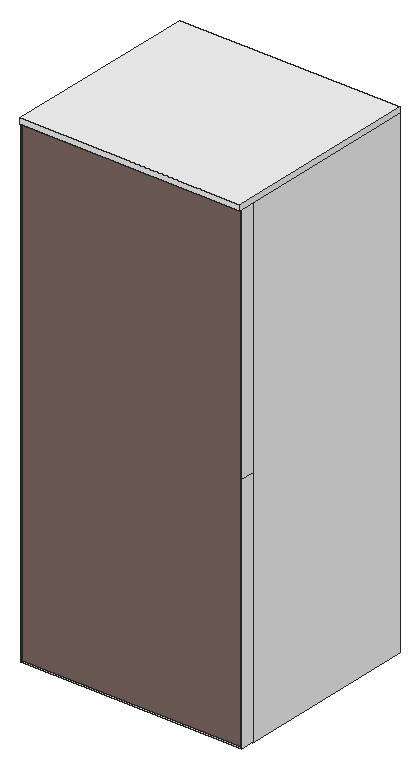
Revit family "bathroom vanity-hansgrohe-54215XXX-Xevolos E Mid-height cabinet Matt White 400_360, door hinge right", category Furniture, Revit 2019
Family settings
  OmniClass Number = 23.40.00.00
  OmniClass Title = Equipment and Furnishings
  Work Plane-Based = No
  Always vertical = Yes
  Cut with Voids When Loaded = No
  Shared = Yes
  Room Calculation Point = No
Parameters (values of type "54215730-MATT_WHITE-DARK_OAK-200")
  etim7_EC011381 = "EC011381"
  WEIGHT = "22.5"
  UNSPSC = "56 | Furniture and Furnishings"
  UNIFORMATII = "E2010 | Fixed Furnishings"
  UNICLASS_2015_CODE = "40_30_78_05"
  UNICLASS2015 = "Pr_40_30_78_05 | Bathroom furniture"
  SURFACE = "DARK_OAK"
  REGION = "Worldwide"
  PRODUCTURL = "https://pro.hansgrohe.com/articledetail--54215320"
  PERMALINK = "54215XXX"
  OMNICLASS = "23-21 19 15 33 13 | Residential Bathroom Specialty Casework"
  OBJECTTYPE = "Object (single object)"
  OBERFLAECHE = "MATT_WHITE"
  NN = "Mid-height cabinet, door hinge"
  NBSYN = "$ARTNR.-$OBERFLAECHE.-$SURFACE.-$LODLEVEL."
  NB = "54215730-MATT_WHITE-DARK_OAK-200"
  NAME = "Xevolos E Mid-height cabinet Matt White 400/360, door hinge right"
  Model = "54215730-MATT_WHITE-DARK_OAK-200"
  Manufacturer = "Hansgrohe"
  MIdent = "{$CADENAS_DATA/23d-libs/hansgrohe/xevolos_furniture/xevolos_mid-height_cabinet_door_hinge/mid-height_cabinet_door_hinge.prj},237 {VTYP=3D},{NB=54215730-MATT_WHITE-DARK_OAK-200},{LINA=54215730-MATT_WHITE-DARK_OAK-200},{NN=Mid-height cabinet, door hinge},{DATE=13.03.2023 11:42:53},{GEOMDATE=12.03.2023 06:48:00},{VERSION=},{LINEID=120},{WBVAR=LODLEVEL},{WBNUMERIC=}  {NB=54215730-MATT_WHITE-DARK_OAK-200},{LINA=54215730-MATT_WHITE-DARK_OAK-200},{KT=DUMMY},{IDNR=12},{ARTNR=54215730},{BASENUMBER=54215},{MODEL=54215XXX},{OBERFLAECHE=MATT_WHITE},{SURFACE=DARK_OAK},{L=400},{LODLEVEL=200},{LODLEVELX='400','400','200','200'},{NAME=Xevolos E Mid-height cabinet Matt White 400/360, door hinge right},{PERMALINK=54215XXX},{OBJECTTYPE=Object (single object)},{BIMOBJECT=Sanitary: Compound units},{COLLECTIONSET=Xevolos E},{COLLECTION=bathroom vanity},{WEIGHT=22.5},{DESCRIPTION=Xevolos E Mid-height cabinet Matt White 400/360, door hinge right},{PRODUCTURL=https://pro.hansgrohe.com/articledetail--54215320},{GTINCODE=0},{TENDERURL=0},{IFC=Furnishing element},{ETIM=EC011381 | Bathroom furniture set},{UNICLASS2015=Pr_40_30_78_05 | Bathroom furniture},{OMNICLASS=23-21 19 15 33 13 | Residential Bathroom Specialty Casework},{MASTERFORMAT=12 35 30.23 | Bathroom Casework},{UNSPSC=56 | Furniture and Furnishings},{UNIFORMATII=E2010 | Fixed Furnishings},{REGION=Worldwide},{DESIGN=Germany},{MANUFACTURER=Germany}"
  MASTERFORMAT = "12 35 30.23 | Bathroom Casework"
  LODLEVEL = "200"
  LINA = "54215730-MATT_WHITE-DARK_OAK-200"
  L = 400
  IFC = "Furnishing element"
  IDNR = 12
  ETIM = "EC011381 | Bathroom furniture set"
  DESIGN = "Germany"
  COLLECTIONSET = "Xevolos E"
  COLLECTION = "bathroom vanity"
  CATALOG = "Hansgrohe"
  BIMOBJECT = "Sanitary: Compound units"
  BASENUMBER = "54215"
  ARTNR = "54215730"
  54215730-MATT_WHITE-DARK_OAK-400_RX0RY0RZ0TX0TY0TZ0_V = no
  54215730-MATT_WHITE-DARK_OAK-200_RX0RY0RZ0TX0TY0TZ0_V = yes
  54215390-MATT_WHITE-PATTEREND_BRONZE-400_RX0RY0RZ0TX0TY0TZ0_V = no
  54215390-MATT_WHITE-PATTEREND_BRONZE-200_RX0RY0RZ0TX0TY0TZ0_V = no
  54215320-MATT_WHITE-METALLIC_WHITE-400_RX0RY0RZ0TX0TY0TZ0_V = no
  54215320-MATT_WHITE-METALLIC_WHITE-200_RX0RY0RZ0TX0TY0TZ0_V = no
Types (6, lengths in mm): name | SURFACE | NB | Model | MIdent | LODLEVEL | LINA | IDNR | ARTNR | 54215730-MATT_WHITE-DARK_OAK-400_RX0RY0RZ0TX0TY0TZ0_V | 54215730-MATT_WHITE-DARK_OAK-200_RX0RY0RZ0TX0TY0TZ0_V | 54215390-MATT_WHITE-PATTEREND_BRONZE-400_RX0RY0RZ0TX0TY0TZ0_V | 54215390-MATT_WHITE-PATTEREND_BRONZE-200_RX0RY0RZ0TX0TY0TZ0_V | 54215320-MATT_WHITE-METALLIC_WHITE-400_RX0RY0RZ0TX0TY0TZ0_V | 54215320-MATT_WHITE-METALLIC_WHITE-200_RX0RY0RZ0TX0TY0TZ0_V
  54215320-MATT_WHITE-METALLIC_WHITE-200 | "METALLIC_WHITE" | "54215320-MATT_WHITE-METALLIC_WHITE-200" | "54215320-MATT_WHITE-METALLIC_WHITE-200" | "{$CADENAS_DATA/23d-libs/hansgrohe/xevolos_furniture/xevolos_mid-height_cabinet_door_hinge/mid-height_cabinet_door_hinge.prj},249 {VTYP=3D},{NB=54215320-MATT_WHITE-METALLIC_WHITE-200},{LINA=54215320-MATT_WHITE-METALLIC_WHITE-200},{NN=Mid-height cabinet, door hinge},{DATE=13.03.2023 11:42:53},{GEOMDATE=12.03.2023 06:48:00},{VERSION=},{LINEID=100},{WBVAR=LODLEVEL},{WBNUMERIC=}  {NB=54215320-MATT_WHITE-METALLIC_WHITE-200},{LINA=54215320-MATT_WHITE-METALLIC_WHITE-200},{KT=DUMMY},{IDNR=10},{ARTNR=54215320},{BASENUMBER=54215},{MODEL=54215XXX},{OBERFLAECHE=MATT_WHITE},{SURFACE=METALLIC_WHITE},{L=400},{LODLEVEL=200},{LODLEVELX='400','400','200','200'},{NAME=Xevolos E Mid-height cabinet Matt White 400/360, door hinge right},{PERMALINK=54215XXX},{OBJECTTYPE=Object (single object)},{BIMOBJECT=Sanitary: Compound units},{COLLECTIONSET=Xevolos E},{COLLECTION=bathroom vanity},{WEIGHT=22.5},{DESCRIPTION=Xevolos E Mid-height cabinet Matt White 400/360, door hinge right},{PRODUCTURL=https://pro.hansgrohe.com/articledetail--54215320},{GTINCODE=0},{TENDERURL=0},{IFC=Furnishing element},{ETIM=EC011381 | Bathroom furniture set},{UNICLASS2015=Pr_40_30_78_05 | Bathroom furniture},{OMNICLASS=23-21 19 15 33 13 | Residential Bathroom Specialty Casework},{MASTERFORMAT=12 35 30.23 | Bathroom Casework},{UNSPSC=56 | Furniture and Furnishings},{UNIFORMATII=E2010 | Fixed Furnishings},{REGION=Worldwide},{DESIGN=Germany},{MANUFACTURER=Germany}" | "200" | "54215320-MATT_WHITE-METALLIC_WHITE-200" | 10 | "54215320" | no | no | no | no | no | yes
  54215320-MATT_WHITE-METALLIC_WHITE-400 | "METALLIC_WHITE" | "54215320-MATT_WHITE-METALLIC_WHITE-400" | "54215320-MATT_WHITE-METALLIC_WHITE-400" | "{$CADENAS_DATA/23d-libs/hansgrohe/xevolos_furniture/xevolos_mid-height_cabinet_door_hinge/mid-height_cabinet_door_hinge.prj},249 {VTYP=3D},{NB=54215320-MATT_WHITE-METALLIC_WHITE-400},{LINA=54215320-MATT_WHITE-METALLIC_WHITE-400},{NN=Mid-height cabinet, door hinge},{DATE=13.03.2023 11:42:53},{GEOMDATE=12.03.2023 06:48:00},{VERSION=},{LINEID=100},{WBVAR=LODLEVEL},{WBNUMERIC=}  {NB=54215320-MATT_WHITE-METALLIC_WHITE-400},{LINA=54215320-MATT_WHITE-METALLIC_WHITE-400},{KT=DUMMY},{IDNR=10},{ARTNR=54215320},{BASENUMBER=54215},{MODEL=54215XXX},{OBERFLAECHE=MATT_WHITE},{SURFACE=METALLIC_WHITE},{L=400},{LODLEVEL=400},{LODLEVELX='400','400','200','200'},{NAME=Xevolos E Mid-height cabinet Matt White 400/360, door hinge right},{PERMALINK=54215XXX},{OBJECTTYPE=Object (single object)},{BIMOBJECT=Sanitary: Compound units},{COLLECTIONSET=Xevolos E},{COLLECTION=bathroom vanity},{WEIGHT=22.5},{DESCRIPTION=Xevolos E Mid-height cabinet Matt White 400/360, door hinge right},{PRODUCTURL=https://pro.hansgrohe.com/articledetail--54215320},{GTINCODE=0},{TENDERURL=0},{IFC=Furnishing element},{ETIM=EC011381 | Bathroom furniture set},{UNICLASS2015=Pr_40_30_78_05 | Bathroom furniture},{OMNICLASS=23-21 19 15 33 13 | Residential Bathroom Specialty Casework},{MASTERFORMAT=12 35 30.23 | Bathroom Casework},{UNSPSC=56 | Furniture and Furnishings},{UNIFORMATII=E2010 | Fixed Furnishings},{REGION=Worldwide},{DESIGN=Germany},{MANUFACTURER=Germany}" | "400" | "54215320-MATT_WHITE-METALLIC_WHITE-400" | 10 | "54215320" | no | no | no | no | yes | no
  54215390-MATT_WHITE-PATTEREND_BRONZE-200 | "PATTEREND_BRONZE" | "54215390-MATT_WHITE-PATTEREND_BRONZE-200" | "54215390-MATT_WHITE-PATTEREND_BRONZE-200" | "{$CADENAS_DATA/23d-libs/hansgrohe/xevolos_furniture/xevolos_mid-height_cabinet_door_hinge/mid-height_cabinet_door_hinge.prj},253 {VTYP=3D},{NB=54215390-MATT_WHITE-PATTEREND_BRONZE-200},{LINA=54215390-MATT_WHITE-PATTEREND_BRONZE-200},{NN=Mid-height cabinet, door hinge},{DATE=13.03.2023 11:42:53},{GEOMDATE=12.03.2023 06:48:00},{VERSION=},{LINEID=110},{WBVAR=LODLEVEL},{WBNUMERIC=}  {NB=54215390-MATT_WHITE-PATTEREND_BRONZE-200},{LINA=54215390-MATT_WHITE-PATTEREND_BRONZE-200},{KT=DUMMY},{IDNR=11},{ARTNR=54215390},{BASENUMBER=54215},{MODEL=54215XXX},{OBERFLAECHE=MATT_WHITE},{SURFACE=PATTEREND_BRONZE},{L=400},{LODLEVEL=200},{LODLEVELX='400','400','200','200'},{NAME=Xevolos E Mid-height cabinet Matt White 400/360, door hinge right},{PERMALINK=54215XXX},{OBJECTTYPE=Object (single object)},{BIMOBJECT=Sanitary: Compound units},{COLLECTIONSET=Xevolos E},{COLLECTION=bathroom vanity},{WEIGHT=22.5},{DESCRIPTION=Xevolos E Mid-height cabinet Matt White 400/360, door hinge right},{PRODUCTURL=https://pro.hansgrohe.com/articledetail--54215320},{GTINCODE=0},{TENDERURL=0},{IFC=Furnishing element},{ETIM=EC011381 | Bathroom furniture set},{UNICLASS2015=Pr_40_30_78_05 | Bathroom furniture},{OMNICLASS=23-21 19 15 33 13 | Residential Bathroom Specialty Casework},{MASTERFORMAT=12 35 30.23 | Bathroom Casework},{UNSPSC=56 | Furniture and Furnishings},{UNIFORMATII=E2010 | Fixed Furnishings},{REGION=Worldwide},{DESIGN=Germany},{MANUFACTURER=Germany}" | "200" | "54215390-MATT_WHITE-PATTEREND_BRONZE-200" | 11 | "54215390" | no | no | no | yes | no | no
  54215390-MATT_WHITE-PATTEREND_BRONZE-400 | "PATTEREND_BRONZE" | "54215390-MATT_WHITE-PATTEREND_BRONZE-400" | "54215390-MATT_WHITE-PATTEREND_BRONZE-400" | "{$CADENAS_DATA/23d-libs/hansgrohe/xevolos_furniture/xevolos_mid-height_cabinet_door_hinge/mid-height_cabinet_door_hinge.prj},253 {VTYP=3D},{NB=54215390-MATT_WHITE-PATTEREND_BRONZE-400},{LINA=54215390-MATT_WHITE-PATTEREND_BRONZE-400},{NN=Mid-height cabinet, door hinge},{DATE=13.03.2023 11:42:53},{GEOMDATE=12.03.2023 06:48:00},{VERSION=},{LINEID=110},{WBVAR=LODLEVEL},{WBNUMERIC=}  {NB=54215390-MATT_WHITE-PATTEREND_BRONZE-400},{LINA=54215390-MATT_WHITE-PATTEREND_BRONZE-400},{KT=DUMMY},{IDNR=11},{ARTNR=54215390},{BASENUMBER=54215},{MODEL=54215XXX},{OBERFLAECHE=MATT_WHITE},{SURFACE=PATTEREND_BRONZE},{L=400},{LODLEVEL=400},{LODLEVELX='400','400','200','200'},{NAME=Xevolos E Mid-height cabinet Matt White 400/360, door hinge right},{PERMALINK=54215XXX},{OBJECTTYPE=Object (single object)},{BIMOBJECT=Sanitary: Compound units},{COLLECTIONSET=Xevolos E},{COLLECTION=bathroom vanity},{WEIGHT=22.5},{DESCRIPTION=Xevolos E Mid-height cabinet Matt White 400/360, door hinge right},{PRODUCTURL=https://pro.hansgrohe.com/articledetail--54215320},{GTINCODE=0},{TENDERURL=0},{IFC=Furnishing element},{ETIM=EC011381 | Bathroom furniture set},{UNICLASS2015=Pr_40_30_78_05 | Bathroom furniture},{OMNICLASS=23-21 19 15 33 13 | Residential Bathroom Specialty Casework},{MASTERFORMAT=12 35 30.23 | Bathroom Casework},{UNSPSC=56 | Furniture and Furnishings},{UNIFORMATII=E2010 | Fixed Furnishings},{REGION=Worldwide},{DESIGN=Germany},{MANUFACTURER=Germany}" | "400" | "54215390-MATT_WHITE-PATTEREND_BRONZE-400" | 11 | "54215390" | no | no | yes | no | no | no
  54215730-MATT_WHITE-DARK_OAK-200 | "DARK_OAK" | "54215730-MATT_WHITE-DARK_OAK-200" | "54215730-MATT_WHITE-DARK_OAK-200" | "{$CADENAS_DATA/23d-libs/hansgrohe/xevolos_furniture/xevolos_mid-height_cabinet_door_hinge/mid-height_cabinet_door_hinge.prj},237 {VTYP=3D},{NB=54215730-MATT_WHITE-DARK_OAK-200},{LINA=54215730-MATT_WHITE-DARK_OAK-200},{NN=Mid-height cabinet, door hinge},{DATE=13.03.2023 11:42:53},{GEOMDATE=12.03.2023 06:48:00},{VERSION=},{LINEID=120},{WBVAR=LODLEVEL},{WBNUMERIC=}  {NB=54215730-MATT_WHITE-DARK_OAK-200},{LINA=54215730-MATT_WHITE-DARK_OAK-200},{KT=DUMMY},{IDNR=12},{ARTNR=54215730},{BASENUMBER=54215},{MODEL=54215XXX},{OBERFLAECHE=MATT_WHITE},{SURFACE=DARK_OAK},{L=400},{LODLEVEL=200},{LODLEVELX='400','400','200','200'},{NAME=Xevolos E Mid-height cabinet Matt White 400/360, door hinge right},{PERMALINK=54215XXX},{OBJECTTYPE=Object (single object)},{BIMOBJECT=Sanitary: Compound units},{COLLECTIONSET=Xevolos E},{COLLECTION=bathroom vanity},{WEIGHT=22.5},{DESCRIPTION=Xevolos E Mid-height cabinet Matt White 400/360, door hinge right},{PRODUCTURL=https://pro.hansgrohe.com/articledetail--54215320},{GTINCODE=0},{TENDERURL=0},{IFC=Furnishing element},{ETIM=EC011381 | Bathroom furniture set},{UNICLASS2015=Pr_40_30_78_05 | Bathroom furniture},{OMNICLASS=23-21 19 15 33 13 | Residential Bathroom Specialty Casework},{MASTERFORMAT=12 35 30.23 | Bathroom Casework},{UNSPSC=56 | Furniture and Furnishings},{UNIFORMATII=E2010 | Fixed Furnishings},{REGION=Worldwide},{DESIGN=Germany},{MANUFACTURER=Germany}" | "200" | "54215730-MATT_WHITE-DARK_OAK-200" | 12 | "54215730" | no | yes | no | no | no | no
  54215730-MATT_WHITE-DARK_OAK-400 | "DARK_OAK" | "54215730-MATT_WHITE-DARK_OAK-400" | "54215730-MATT_WHITE-DARK_OAK-400" | "{$CADENAS_DATA/23d-libs/hansgrohe/xevolos_furniture/xevolos_mid-height_cabinet_door_hinge/mid-height_cabinet_door_hinge.prj},237 {VTYP=3D},{NB=54215730-MATT_WHITE-DARK_OAK-400},{LINA=54215730-MATT_WHITE-DARK_OAK-400},{NN=Mid-height cabinet, door hinge},{DATE=13.03.2023 11:42:53},{GEOMDATE=12.03.2023 06:48:00},{VERSION=},{LINEID=120},{WBVAR=LODLEVEL},{WBNUMERIC=}  {NB=54215730-MATT_WHITE-DARK_OAK-400},{LINA=54215730-MATT_WHITE-DARK_OAK-400},{KT=DUMMY},{IDNR=12},{ARTNR=54215730},{BASENUMBER=54215},{MODEL=54215XXX},{OBERFLAECHE=MATT_WHITE},{SURFACE=DARK_OAK},{L=400},{LODLEVEL=400},{LODLEVELX='400','400','200','200'},{NAME=Xevolos E Mid-height cabinet Matt White 400/360, door hinge right},{PERMALINK=54215XXX},{OBJECTTYPE=Object (single object)},{BIMOBJECT=Sanitary: Compound units},{COLLECTIONSET=Xevolos E},{COLLECTION=bathroom vanity},{WEIGHT=22.5},{DESCRIPTION=Xevolos E Mid-height cabinet Matt White 400/360, door hinge right},{PRODUCTURL=https://pro.hansgrohe.com/articledetail--54215320},{GTINCODE=0},{TENDERURL=0},{IFC=Furnishing element},{ETIM=EC011381 | Bathroom furniture set},{UNICLASS2015=Pr_40_30_78_05 | Bathroom furniture},{OMNICLASS=23-21 19 15 33 13 | Residential Bathroom Specialty Casework},{MASTERFORMAT=12 35 30.23 | Bathroom Casework},{UNSPSC=56 | Furniture and Furnishings},{UNIFORMATII=E2010 | Fixed Furnishings},{REGION=Worldwide},{DESIGN=Germany},{MANUFACTURER=Germany}" | "400" | "54215730-MATT_WHITE-DARK_OAK-400" | 12 | "54215730" | yes | no | no | no | no | no
Reference planes
  plane 1 "Center (Front/Back)": y = 0
  plane 2: z = 0
  plane 3 "Center (Left/Right)": x = 0
Dimensions and locks
  aligned and locked: level to plane 2
Nested families
  nested 1: "54215320-matt_white-metallic_white-200_content" at (0, 0, 0), visible <- "54215320-MATT_WHITE-METALLIC_WHITE-200_RX0RY0RZ0TX0TY0TZ0_V", ContentVisible <- "54215320-MATT_WHITE-METALLIC_WHITE-200_RX0RY0RZ0TX0TY0TZ0_V", type "54215320-MATT_WHITE-METALLIC_WHITE-200_Content"
    with ContentVisible no
  nested 2: "54215320-matt_white-metallic_white-400_content" at (0, 0, 0), visible <- "54215320-MATT_WHITE-METALLIC_WHITE-400_RX0RY0RZ0TX0TY0TZ0_V", ContentVisible <- "54215320-MATT_WHITE-METALLIC_WHITE-400_RX0RY0RZ0TX0TY0TZ0_V", type "54215320-MATT_WHITE-METALLIC_WHITE-400_Content"
    with ContentVisible no
  nested 3: "54215390-matt_white-patterend_bronze-200_content" at (0, 0, 0), visible <- "54215390-MATT_WHITE-PATTEREND_BRONZE-200_RX0RY0RZ0TX0TY0TZ0_V", ContentVisible <- "54215390-MATT_WHITE-PATTEREND_BRONZE-200_RX0RY0RZ0TX0TY0TZ0_V", type "54215390-MATT_WHITE-PATTEREND_BRONZE-200_Content"
    with ContentVisible no
  nested 4: "54215390-matt_white-patterend_bronze-400_content" at (0, 0, 0), visible <- "54215390-MATT_WHITE-PATTEREND_BRONZE-400_RX0RY0RZ0TX0TY0TZ0_V", ContentVisible <- "54215390-MATT_WHITE-PATTEREND_BRONZE-400_RX0RY0RZ0TX0TY0TZ0_V", type "54215390-MATT_WHITE-PATTEREND_BRONZE-400_Content"
    with ContentVisible no
  nested 5: "54215730-matt_white-dark_oak-200_content" at (0, 0, 0), visible <- "54215730-MATT_WHITE-DARK_OAK-200_RX0RY0RZ0TX0TY0TZ0_V", ContentVisible <- "54215730-MATT_WHITE-DARK_OAK-200_RX0RY0RZ0TX0TY0TZ0_V", type "54215730-MATT_WHITE-DARK_OAK-200_Content"
    with ContentVisible yes
  nested 6: "54215730-matt_white-dark_oak-400_content" at (0, 0, 0), visible <- "54215730-MATT_WHITE-DARK_OAK-400_RX0RY0RZ0TX0TY0TZ0_V", ContentVisible <- "54215730-MATT_WHITE-DARK_OAK-400_RX0RY0RZ0TX0TY0TZ0_V", type "54215730-MATT_WHITE-DARK_OAK-400_Content"
    with ContentVisible no
Definition of nested family "54215730-matt_white-dark_oak-200_content"
  Parameters (values of type "54215730-MATT_WHITE-DARK_OAK-200_Content")
    etim7_EC011381 = "EC011381"
    WEIGHT = "22.5"
    UNSPSC = "56 | Furniture and Furnishings"
    UNIFORMATII = "E2010 | Fixed Furnishings"
    UNICLASS_2015_CODE = "40_30_78_05"
    UNICLASS2015 = "Pr_40_30_78_05 | Bathroom furniture"
    SURFACE = "DARK_OAK"
    REGION = "Worldwide"
    PRODUCTURL = "https://pro.hansgrohe.com/articledetail--54215320"
    PERMALINK = "54215XXX"
    OMNICLASS = "23-21 19 15 33 13 | Residential Bathroom Specialty Casework"
    OBJECTTYPE = "Object (single object)"
    OBERFLAECHE = "MATT_WHITE"
    NN = "Mid-height cabinet, door hinge"
    NBSYN = "$ARTNR.-$OBERFLAECHE.-$SURFACE.-$LODLEVEL."
    NB = "54215730-MATT_WHITE-DARK_OAK-200"
    NAME = "Xevolos E Mid-height cabinet Matt White 400/360, door hinge right"
    Model = "54215730-MATT_WHITE-DARK_OAK-200"
    Manufacturer = "Hansgrohe"
    MASTERFORMAT = "12 35 30.23 | Bathroom Casework"
    LODLEVEL = "200"
    LINA = "54215730-MATT_WHITE-DARK_OAK-200"
    L = 400
    IFC = "Furnishing element"
    IDNR = 12
    ETIM = "EC011381 | Bathroom furniture set"
    Default Elevation = 1219.2 mm
    DESIGN = "Germany"
    ContentVisible [instance] = yes
    COLLECTIONSET = "Xevolos E"
    COLLECTION = "bathroom vanity"
    CATALOG = "Hansgrohe"
    BIMOBJECT = "Sanitary: Compound units"
    BASENUMBER = "54215"
    ARTNR = "54215730"
  Reference planes
    plane 1 "Center (Front/Back)": y = 0
    plane 2: z = 0
    plane 3 "Center (Left/Right)": x = 0
  Forms (mm)
    Extrusion 1, solid, visible <- "ContentVisible", detail levels medium+fine
      sketch origin (0, 0, 0) x (1, 0, 0) y (0, 1, 0)
        loop
          line (-200, 0) -> (-200, -334.5) -> (200, -334.5) -> (200, 0) -> (-200, 0)
      from 0 to 878
    Extrusion 2, solid, visible <- "ContentVisible", detail levels medium+fine
      sketch origin (0, -334.5, 0) x (1, 0, 0) y (0, 0, -1)
        loop
          line (-200, -2) -> (-200, -440) -> (-198, -440) -> (-198, -4) -> (198, -4) -> (198, -440) -> (200, -440) -> (200, -2) -> (-200, -2)
      from -24.75 to 0
    Extrusion 3, solid, visible <- "ContentVisible", detail levels medium+fine
      sketch origin (0, -334.5, 0) x (1, 0, 0) y (0, 0, -1)
        loop
          line (-200, -440) -> (-200, -878) -> (200, -878) -> (200, -440) -> (198, -440) -> (198, -876) -> (-198, -876) -> (-198, -440) -> (-200, -440)
      from -24.75 to 0
    Extrusion 4, solid, visible <- "ContentVisible", detail levels medium+fine
      sketch origin (0, -334.5, 0) x (1, 0, 0) y (0, 0, -1)
        loop
          line (-198, -4) -> (-198, -876) -> (198, -876) -> (198, -4) -> (-198, -4)
      from -24.75 to 0
    Extrusion 5, solid, visible <- "ContentVisible", detail levels medium+fine
      sketch origin (0, 0, 878) x (1, 0, 0) y (0, 1, 0)
        loop
          line (-200, -362) -> (200, -362) -> (200, 0) -> (-200, 0) -> (-200, -362)
      from 0 to 10
    Extrusion 6, solid, visible <- "ContentVisible", detail levels coarse
      sketch origin (0, -181, 0) x (1, 0, 0) y (0, 1, 0)
        loop
          line (-200, -181) -> (200, -181) -> (200, 181) -> (-200, 181) -> (-200, -181)
      from 0 to 888
  Dimensions and locks
    aligned and locked: level to plane 2
Definition of nested family "54215320-matt_white-metallic_white-200_content"
  Parameters (values of type "54215320-MATT_WHITE-METALLIC_WHITE-200_Content")
    etim7_EC011381 = "EC011381"
    WEIGHT = "22.5"
    UNSPSC = "56 | Furniture and Furnishings"
    UNIFORMATII = "E2010 | Fixed Furnishings"
    UNICLASS_2015_CODE = "40_30_78_05"
    UNICLASS2015 = "Pr_40_30_78_05 | Bathroom furniture"
    SURFACE = "METALLIC_WHITE"
    REGION = "Worldwide"
    PRODUCTURL = "https://pro.hansgrohe.com/articledetail--54215320"
    PERMALINK = "54215XXX"
    OMNICLASS = "23-21 19 15 33 13 | Residential Bathroom Specialty Casework"
    OBJECTTYPE = "Object (single object)"
    OBERFLAECHE = "MATT_WHITE"
    NN = "Mid-height cabinet, door hinge"
    NBSYN = "$ARTNR.-$OBERFLAECHE.-$SURFACE.-$LODLEVEL."
    NB = "54215320-MATT_WHITE-METALLIC_WHITE-200"
    NAME = "Xevolos E Mid-height cabinet Matt White 400/360, door hinge right"
    Model = "54215320-MATT_WHITE-METALLIC_WHITE-200"
    Manufacturer = "Hansgrohe"
    MASTERFORMAT = "12 35 30.23 | Bathroom Casework"
    LODLEVEL = "200"
    LINA = "54215320-MATT_WHITE-METALLIC_WHITE-200"
    L = 400
    IFC = "Furnishing element"
    IDNR = 10
    ETIM = "EC011381 | Bathroom furniture set"
    Default Elevation = 1219.2 mm
    DESIGN = "Germany"
    ContentVisible [instance] = yes
    COLLECTIONSET = "Xevolos E"
    COLLECTION = "bathroom vanity"
    CATALOG = "Hansgrohe"
    BIMOBJECT = "Sanitary: Compound units"
    BASENUMBER = "54215"
    ARTNR = "54215320"
  Reference planes
    plane 1 "Center (Front/Back)": y = 0
    plane 2: z = 0
    plane 3 "Center (Left/Right)": x = 0
  Forms (mm)
    Extrusion 1, solid, visible <- "ContentVisible", detail levels medium+fine
      sketch origin (0, 0, 0) x (1, 0, 0) y (0, 1, 0)
        loop
          line (-200, 0) -> (-200, -334.5) -> (200, -334.5) -> (200, 0) -> (-200, 0)
      from 0 to 878
    Extrusion 2, solid, visible <- "ContentVisible", detail levels medium+fine
      sketch origin (0, -334.5, 0) x (1, 0, 0) y (0, 0, -1)
        loop
          line (-200, -2) -> (-200, -440) -> (-198, -440) -> (-198, -4) -> (198, -4) -> (198, -440) -> (200, -440) -> (200, -2) -> (-200, -2)
      from -24.75 to 0
    Extrusion 3, solid, visible <- "ContentVisible", detail levels medium+fine
      sketch origin (0, -334.5, 0) x (1, 0, 0) y (0, 0, -1)
        loop
          line (-200, -440) -> (-200, -878) -> (200, -878) -> (200, -440) -> (198, -440) -> (198, -876) -> (-198, -876) -> (-198, -440) -> (-200, -440)
      from -24.75 to 0
    Extrusion 4, solid, visible <- "ContentVisible", detail levels medium+fine
      sketch origin (0, -334.5, 0) x (1, 0, 0) y (0, 0, -1)
        loop
          line (-198, -4) -> (-198, -876) -> (198, -876) -> (198, -4) -> (-198, -4)
      from -24.75 to 0
    Extrusion 5, solid, visible <- "ContentVisible", detail levels medium+fine
      sketch origin (0, 0, 878) x (1, 0, 0) y (0, 1, 0)
        loop
          line (-200, -362) -> (200, -362) -> (200, 0) -> (-200, 0) -> (-200, -362)
      from 0 to 10
    Extrusion 6, solid, visible <- "ContentVisible", detail levels coarse
      sketch origin (0, -181, 0) x (1, 0, 0) y (0, 1, 0)
        loop
          line (-200, -181) -> (200, -181) -> (200, 181) -> (-200, 181) -> (-200, -181)
      from 0 to 888
  Dimensions and locks
    aligned and locked: level to plane 2
Definition of nested family "54215320-matt_white-metallic_white-400_content"
  Parameters (values of type "54215320-MATT_WHITE-METALLIC_WHITE-400_Content")
    etim7_EC011381 = "EC011381"
    WEIGHT = "22.5"
    UNSPSC = "56 | Furniture and Furnishings"
    UNIFORMATII = "E2010 | Fixed Furnishings"
    UNICLASS_2015_CODE = "40_30_78_05"
    UNICLASS2015 = "Pr_40_30_78_05 | Bathroom furniture"
    SURFACE = "METALLIC_WHITE"
    REGION = "Worldwide"
    PRODUCTURL = "https://pro.hansgrohe.com/articledetail--54215320"
    PERMALINK = "54215XXX"
    OMNICLASS = "23-21 19 15 33 13 | Residential Bathroom Specialty Casework"
    OBJECTTYPE = "Object (single object)"
    OBERFLAECHE = "MATT_WHITE"
    NN = "Mid-height cabinet, door hinge"
    NBSYN = "$ARTNR.-$OBERFLAECHE.-$SURFACE.-$LODLEVEL."
    NB = "54215320-MATT_WHITE-METALLIC_WHITE-400"
    NAME = "Xevolos E Mid-height cabinet Matt White 400/360, door hinge right"
    Model = "54215320-MATT_WHITE-METALLIC_WHITE-400"
    Manufacturer = "Hansgrohe"
    MASTERFORMAT = "12 35 30.23 | Bathroom Casework"
    LODLEVEL = "400"
    LINA = "54215320-MATT_WHITE-METALLIC_WHITE-400"
    L = 400
    IFC = "Furnishing element"
    IDNR = 10
    ETIM = "EC011381 | Bathroom furniture set"
    Default Elevation = 1219.2 mm
    DESIGN = "Germany"
    ContentVisible [instance] = yes
    COLLECTIONSET = "Xevolos E"
    COLLECTION = "bathroom vanity"
    CATALOG = "Hansgrohe"
    BIMOBJECT = "Sanitary: Compound units"
    BASENUMBER = "54215"
    ARTNR = "54215320"
  Reference planes
    plane 1 "Center (Front/Back)": y = 0
    plane 2: z = 0
    plane 3 "Center (Left/Right)": x = 0
  Forms (mm)
    Extrusion 1, solid, visible <- "ContentVisible", detail levels medium+fine
      sketch origin (0, 0, 0) x (1, 0, 0) y (0, 1, 0)
        loop
          line (-200, 0) -> (-200, -334.5) -> (200, -334.5) -> (200, 0) -> (184, 0) -> (184, -16.8) -> (-184, -16.8) -> (-184, 0) -> (-200, 0)
      from 0 to 878
    Extrusion 2, solid, visible <- "ContentVisible", detail levels medium+fine
      sketch origin (0, -334.5, 0) x (1, 0, 0) y (0, 0, -1)
        loop
          line (-200, -2) -> (-200, -440) -> (-198, -440) -> (-198, -4) -> (198, -4) -> (198, -440) -> (200, -440) -> (200, -2) -> (-200, -2)
      from -24.75 to 0
    Extrusion 3, solid, visible <- "ContentVisible", detail levels medium+fine
      sketch origin (0, -334.5, 0) x (1, 0, 0) y (0, 0, -1)
        loop
          line (-200, -440) -> (-200, -878) -> (200, -878) -> (200, -440) -> (198, -440) -> (198, -876) -> (-198, -876) -> (-198, -440) -> (-200, -440)
      from -24.75 to 0
    Extrusion 4, solid, visible <- "ContentVisible", detail levels medium+fine
      sketch origin (0, -334.5, 0) x (1, 0, 0) y (0, 0, -1)
        loop
          line (-198, -4) -> (-198, -876) -> (198, -876) -> (198, -4) -> (-198, -4)
      from -24.75 to 0
    Extrusion 5, solid, visible <- "ContentVisible", detail levels medium+fine
      sketch origin (0, 0, 878) x (1, 0, 0) y (0, 1, 0)
        loop
          line (-200, -362) -> (200, -362) -> (200, 0) -> (-200, 0) -> (-200, -362)
      from 0 to 10
    Extrusion 6, solid, visible <- "ContentVisible", detail levels coarse
      sketch origin (0, -181, 0) x (1, 0, 0) y (0, 1, 0)
        loop
          line (-200, -181) -> (200, -181) -> (200, 181) -> (-200, 181) -> (-200, -181)
      from 0 to 888
  Dimensions and locks
    aligned and locked: level to plane 2
Definition of nested family "54215390-matt_white-patterend_bronze-200_content"
  Parameters (values of type "54215390-MATT_WHITE-PATTEREND_BRONZE-200_Content")
    etim7_EC011381 = "EC011381"
    WEIGHT = "22.5"
    UNSPSC = "56 | Furniture and Furnishings"
    UNIFORMATII = "E2010 | Fixed Furnishings"
    UNICLASS_2015_CODE = "40_30_78_05"
    UNICLASS2015 = "Pr_40_30_78_05 | Bathroom furniture"
    SURFACE = "PATTEREND_BRONZE"
    REGION = "Worldwide"
    PRODUCTURL = "https://pro.hansgrohe.com/articledetail--54215320"
    PERMALINK = "54215XXX"
    OMNICLASS = "23-21 19 15 33 13 | Residential Bathroom Specialty Casework"
    OBJECTTYPE = "Object (single object)"
    OBERFLAECHE = "MATT_WHITE"
    NN = "Mid-height cabinet, door hinge"
    NBSYN = "$ARTNR.-$OBERFLAECHE.-$SURFACE.-$LODLEVEL."
    NB = "54215390-MATT_WHITE-PATTEREND_BRONZE-200"
    NAME = "Xevolos E Mid-height cabinet Matt White 400/360, door hinge right"
    Model = "54215390-MATT_WHITE-PATTEREND_BRONZE-200"
    Manufacturer = "Hansgrohe"
    MASTERFORMAT = "12 35 30.23 | Bathroom Casework"
    LODLEVEL = "200"
    LINA = "54215390-MATT_WHITE-PATTEREND_BRONZE-200"
    L = 400
    IFC = "Furnishing element"
    IDNR = 11
    ETIM = "EC011381 | Bathroom furniture set"
    Default Elevation = 1219.2 mm
    DESIGN = "Germany"
    ContentVisible [instance] = yes
    COLLECTIONSET = "Xevolos E"
    COLLECTION = "bathroom vanity"
    CATALOG = "Hansgrohe"
    BIMOBJECT = "Sanitary: Compound units"
    BASENUMBER = "54215"
    ARTNR = "54215390"
  Reference planes
    plane 1 "Center (Front/Back)": y = 0
    plane 2: z = 0
    plane 3 "Center (Left/Right)": x = 0
  Forms (mm)
    Extrusion 1, solid, visible <- "ContentVisible", detail levels medium+fine
      sketch origin (0, 0, 0) x (1, 0, 0) y (0, 1, 0)
        loop
          line (-200, 0) -> (-200, -334.5) -> (200, -334.5) -> (200, 0) -> (-200, 0)
      from 0 to 878
    Extrusion 2, solid, visible <- "ContentVisible", detail levels medium+fine
      sketch origin (0, -334.5, 0) x (1, 0, 0) y (0, 0, -1)
        loop
          line (-200, -2) -> (-200, -440) -> (-198, -440) -> (-198, -4) -> (198, -4) -> (198, -440) -> (200, -440) -> (200, -2) -> (-200, -2)
      from -24.75 to 0
    Extrusion 3, solid, visible <- "ContentVisible", detail levels medium+fine
      sketch origin (0, -334.5, 0) x (1, 0, 0) y (0, 0, -1)
        loop
          line (-200, -440) -> (-200, -878) -> (200, -878) -> (200, -440) -> (198, -440) -> (198, -876) -> (-198, -876) -> (-198, -440) -> (-200, -440)
      from -24.75 to 0
    Extrusion 4, solid, visible <- "ContentVisible", detail levels medium+fine
      sketch origin (0, -334.5, 0) x (1, 0, 0) y (0, 0, -1)
        loop
          line (-198, -4) -> (-198, -876) -> (198, -876) -> (198, -4) -> (-198, -4)
      from -24.75 to 0
    Extrusion 5, solid, visible <- "ContentVisible", detail levels medium+fine
      sketch origin (0, 0, 878) x (1, 0, 0) y (0, 1, 0)
        loop
          line (-200, -362) -> (200, -362) -> (200, 0) -> (-200, 0) -> (-200, -362)
      from 0 to 10
    Extrusion 6, solid, visible <- "ContentVisible", detail levels coarse
      sketch origin (0, -181, 0) x (1, 0, 0) y (0, 1, 0)
        loop
          line (-200, -181) -> (200, -181) -> (200, 181) -> (-200, 181) -> (-200, -181)
      from 0 to 888
  Dimensions and locks
    aligned and locked: level to plane 2
Definition of nested family "54215390-matt_white-patterend_bronze-400_content"
  Parameters (values of type "54215390-MATT_WHITE-PATTEREND_BRONZE-400_Content")
    etim7_EC011381 = "EC011381"
    WEIGHT = "22.5"
    UNSPSC = "56 | Furniture and Furnishings"
    UNIFORMATII = "E2010 | Fixed Furnishings"
    UNICLASS_2015_CODE = "40_30_78_05"
    UNICLASS2015 = "Pr_40_30_78_05 | Bathroom furniture"
    SURFACE = "PATTEREND_BRONZE"
    REGION = "Worldwide"
    PRODUCTURL = "https://pro.hansgrohe.com/articledetail--54215320"
    PERMALINK = "54215XXX"
    OMNICLASS = "23-21 19 15 33 13 | Residential Bathroom Specialty Casework"
    OBJECTTYPE = "Object (single object)"
    OBERFLAECHE = "MATT_WHITE"
    NN = "Mid-height cabinet, door hinge"
    NBSYN = "$ARTNR.-$OBERFLAECHE.-$SURFACE.-$LODLEVEL."
    NB = "54215390-MATT_WHITE-PATTEREND_BRONZE-400"
    NAME = "Xevolos E Mid-height cabinet Matt White 400/360, door hinge right"
    Model = "54215390-MATT_WHITE-PATTEREND_BRONZE-400"
    Manufacturer = "Hansgrohe"
    MASTERFORMAT = "12 35 30.23 | Bathroom Casework"
    LODLEVEL = "400"
    LINA = "54215390-MATT_WHITE-PATTEREND_BRONZE-400"
    L = 400
    IFC = "Furnishing element"
    IDNR = 11
    ETIM = "EC011381 | Bathroom furniture set"
    Default Elevation = 1219.2 mm
    DESIGN = "Germany"
    ContentVisible [instance] = yes
    COLLECTIONSET = "Xevolos E"
    COLLECTION = "bathroom vanity"
    CATALOG = "Hansgrohe"
    BIMOBJECT = "Sanitary: Compound units"
    BASENUMBER = "54215"
    ARTNR = "54215390"
  Reference planes
    plane 1 "Center (Front/Back)": y = 0
    plane 2: z = 0
    plane 3 "Center (Left/Right)": x = 0
  Forms (mm)
    Extrusion 1, solid, visible <- "ContentVisible", detail levels medium+fine
      sketch origin (0, 0, 0) x (1, 0, 0) y (0, 1, 0)
        loop
          line (-200, 0) -> (-200, -334.5) -> (200, -334.5) -> (200, 0) -> (184, 0) -> (184, -16.8) -> (-184, -16.8) -> (-184, 0) -> (-200, 0)
      from 0 to 878
    Extrusion 2, solid, visible <- "ContentVisible", detail levels medium+fine
      sketch origin (0, -334.5, 0) x (1, 0, 0) y (0, 0, -1)
        loop
          line (-200, -2) -> (-200, -440) -> (-198, -440) -> (-198, -4) -> (198, -4) -> (198, -440) -> (200, -440) -> (200, -2) -> (-200, -2)
      from -24.75 to 0
    Extrusion 3, solid, visible <- "ContentVisible", detail levels medium+fine
      sketch origin (0, -334.5, 0) x (1, 0, 0) y (0, 0, -1)
        loop
          line (-200, -440) -> (-200, -878) -> (200, -878) -> (200, -440) -> (198, -440) -> (198, -876) -> (-198, -876) -> (-198, -440) -> (-200, -440)
      from -24.75 to 0
    Extrusion 4, solid, visible <- "ContentVisible", detail levels medium+fine
      sketch origin (0, -334.5, 0) x (1, 0, 0) y (0, 0, -1)
        loop
          line (-198, -4) -> (-198, -876) -> (198, -876) -> (198, -4) -> (-198, -4)
      from -24.75 to 0
    Extrusion 5, solid, visible <- "ContentVisible", detail levels medium+fine
      sketch origin (0, 0, 878) x (1, 0, 0) y (0, 1, 0)
        loop
          line (-200, -362) -> (200, -362) -> (200, 0) -> (-200, 0) -> (-200, -362)
      from 0 to 10
    Extrusion 6, solid, visible <- "ContentVisible", detail levels coarse
      sketch origin (0, -181, 0) x (1, 0, 0) y (0, 1, 0)
        loop
          line (-200, -181) -> (200, -181) -> (200, 181) -> (-200, 181) -> (-200, -181)
      from 0 to 888
  Dimensions and locks
    aligned and locked: level to plane 2
Definition of nested family "54215730-matt_white-dark_oak-400_content"
  Parameters (values of type "54215730-MATT_WHITE-DARK_OAK-400_Content")
    etim7_EC011381 = "EC011381"
    WEIGHT = "22.5"
    UNSPSC = "56 | Furniture and Furnishings"
    UNIFORMATII = "E2010 | Fixed Furnishings"
    UNICLASS_2015_CODE = "40_30_78_05"
    UNICLASS2015 = "Pr_40_30_78_05 | Bathroom furniture"
    SURFACE = "DARK_OAK"
    REGION = "Worldwide"
    PRODUCTURL = "https://pro.hansgrohe.com/articledetail--54215320"
    PERMALINK = "54215XXX"
    OMNICLASS = "23-21 19 15 33 13 | Residential Bathroom Specialty Casework"
    OBJECTTYPE = "Object (single object)"
    OBERFLAECHE = "MATT_WHITE"
    NN = "Mid-height cabinet, door hinge"
    NBSYN = "$ARTNR.-$OBERFLAECHE.-$SURFACE.-$LODLEVEL."
    NB = "54215730-MATT_WHITE-DARK_OAK-400"
    NAME = "Xevolos E Mid-height cabinet Matt White 400/360, door hinge right"
    Model = "54215730-MATT_WHITE-DARK_OAK-400"
    Manufacturer = "Hansgrohe"
    MASTERFORMAT = "12 35 30.23 | Bathroom Casework"
    LODLEVEL = "400"
    LINA = "54215730-MATT_WHITE-DARK_OAK-400"
    L = 400
    IFC = "Furnishing element"
    IDNR = 12
    ETIM = "EC011381 | Bathroom furniture set"
    Default Elevation = 1219.2 mm
    DESIGN = "Germany"
    ContentVisible [instance] = yes
    COLLECTIONSET = "Xevolos E"
    COLLECTION = "bathroom vanity"
    CATALOG = "Hansgrohe"
    BIMOBJECT = "Sanitary: Compound units"
    BASENUMBER = "54215"
    ARTNR = "54215730"
  Reference planes
    plane 1 "Center (Front/Back)": y = 0
    plane 2: z = 0
    plane 3 "Center (Left/Right)": x = 0
  Forms (mm)
    Extrusion 1, solid, visible <- "ContentVisible", detail levels medium+fine
      sketch origin (0, 0, 0) x (1, 0, 0) y (0, 1, 0)
        loop
          line (-200, 0) -> (-200, -334.5) -> (200, -334.5) -> (200, 0) -> (184, 0) -> (184, -16.8) -> (-184, -16.8) -> (-184, 0) -> (-200, 0)
      from 0 to 878
    Extrusion 2, solid, visible <- "ContentVisible", detail levels medium+fine
      sketch origin (0, -334.5, 0) x (1, 0, 0) y (0, 0, -1)
        loop
          line (-200, -2) -> (-200, -440) -> (-198, -440) -> (-198, -4) -> (198, -4) -> (198, -440) -> (200, -440) -> (200, -2) -> (-200, -2)
      from -24.75 to 0
    Extrusion 3, solid, visible <- "ContentVisible", detail levels medium+fine
      sketch origin (0, -334.5, 0) x (1, 0, 0) y (0, 0, -1)
        loop
          line (-200, -440) -> (-200, -878) -> (200, -878) -> (200, -440) -> (198, -440) -> (198, -876) -> (-198, -876) -> (-198, -440) -> (-200, -440)
      from -24.75 to 0
    Extrusion 4, solid, visible <- "ContentVisible", detail levels medium+fine
      sketch origin (0, -334.5, 0) x (1, 0, 0) y (0, 0, -1)
        loop
          line (-198, -4) -> (-198, -876) -> (198, -876) -> (198, -4) -> (-198, -4)
      from -24.75 to 0
    Extrusion 5, solid, visible <- "ContentVisible", detail levels medium+fine
      sketch origin (0, 0, 878) x (1, 0, 0) y (0, 1, 0)
        loop
          line (-200, -362) -> (200, -362) -> (200, 0) -> (-200, 0) -> (-200, -362)
      from 0 to 10
    Extrusion 6, solid, visible <- "ContentVisible", detail levels coarse
      sketch origin (0, -181, 0) x (1, 0, 0) y (0, 1, 0)
        loop
          line (-200, -181) -> (200, -181) -> (200, 181) -> (-200, 181) -> (-200, -181)
      from 0 to 888
  Dimensions and locks
    aligned and locked: level to plane 2
